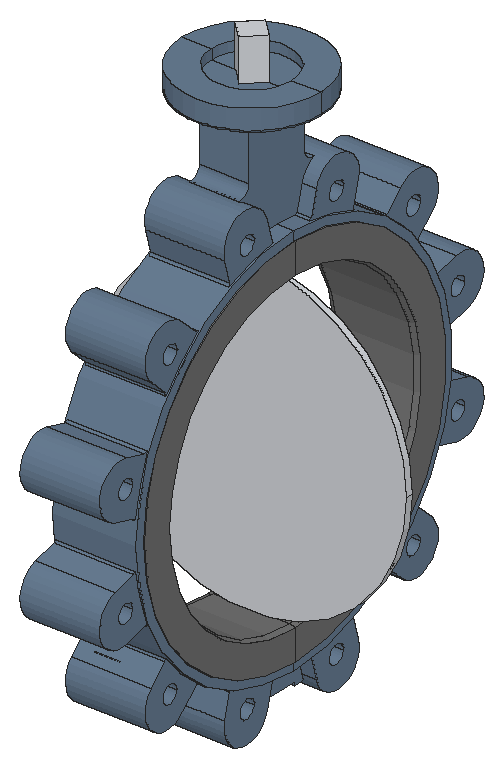
Revit family "Запорно-регулирующая заслонка AF-4219", category Rohrzubehör, Revit 2020 (continued)
Lines and regions (mm)
  model lines, detail levels coarse+medium
    curve 8: line (-39, 0, -183) -> (39, 0, -183)
    curve 9: line (39, 0, -183) -> (39, 0, 183)
    curve 10: line (39, 0, 183) -> (-39, 0, 183)
    curve 11: line (39, 0, -183) -> (-39, 0, 183)
    curve 12: circle (0, 0, 0) r 5 normal (0, -1, 0)
Dimensions and locks
  "H01": Revolve 2 sketch curve to plane 2
  "H02": Revolve 2 sketch curve to Revolve 2 sketch curve
  "R01": Revolve 2 sketch curve to Revolve 2 sketch curve
  "D01": plane 2 to Revolve 1 sketch curve
  "D02": plane 2 to Revolve 1 sketch curve
  "D03": plane 2 to Revolve 1 sketch curve
  "L01": Revolve 1 sketch curve to plane 3 "Mitte (Links/rechts)"
  "L02": plane 3 "Mitte (Links/rechts)" to Revolve 1 sketch curve  (x2)
  "D05": Revolve 6 sketch curve to plane 2
  "D04": Revolve 6 sketch curve to plane 2  (x2)
  "D02": Revolve 6 sketch curve to plane 2  (x2)
  "L03": plane 3 "Mitte (Links/rechts)" to Revolve 6 sketch curve
  "L02": Revolve 6 sketch curve to plane 3 "Mitte (Links/rechts)"
  "L03": Revolve 6 sketch curve to plane 3 "Mitte (Links/rechts)"
  "L01": plane 3 "Mitte (Links/rechts)" to Revolve 1 sketch curve
  "D02": Revolve 1 sketch curve to plane 2
  "L02": plane 3 "Mitte (Links/rechts)" to Revolve 6 sketch curve
  "D03": plane 2 to Revolve 6 sketch curve
  "L04": Revolve 6 sketch curve to plane 3 "Mitte (Links/rechts)" to Revolve 6 sketch curve
  "L01": curve 2 to plane 3 "Mitte (Links/rechts)" to curve 4
  equal spacing: curve 3, curve 6, curve 1
  equal spacing: curve 2, curve 6, curve 4
  "D01": curve 1 to plane 1 "Mitte (Vorne/hinten)" to curve 3
  "L01": curve 7 to curve 12 to curve 9
  "D01": curve 10 to curve 12 to curve 8
  "H03": Revolve 2 sketch curve to Revolve 2 sketch curve
  "R02": Revolve 2 sketch curve to Revolve 2 sketch curve
  equal spacing: Extrusion 24 sketch curve, curve 11, Extrusion 24 sketch curve  (x2)
  "L05": Extrusion 24 sketch curve to Extrusion 24 sketch curve  (x2)
  "H04": Extrusion 24 to plane 2
  "H05": Extrusion 24 to Revolve 2
  "R99": radius of Revolve 2 sketch curve
  "D06": radius of Extrusion 7 sketch curve
  radius of curve 6 = 5.000 mm
  radius of curve 12 = 5.000 mm
  aligned and locked: level to plane 2
Automatic sketch dimensions
  Extrusion 3 sketch curve to Extrusion 3 sketch curve = 0.000 mm  (x20)
  Extrusion 3 sketch curve to level = 0.000 mm
  Extrusion 3 sketch curve to plane 1 "Mitte (Vorne/hinten)" = 0.000 mm
  plane 1 "Mitte (Vorne/hinten)" to Extrusion 3 sketch curve = 18.495 mm  (x2)
  Extrusion 3 sketch curve to Extrusion 3 sketch curve = 1.414 mm  (x16)
  Extrusion 3 sketch curve to Extrusion 3 sketch curve = 12.265 mm  (x8)
  Extrusion 3 sketch curve to level = 19.909 mm  (x2)
  Extrusion 3 sketch curve to Extrusion 3 sketch curve = 24.042 mm  (x8)
  level to Extrusion 3 sketch curve = 19.909 mm  (x2)
  Extrusion 3 sketch curve to Extrusion 3 sketch curve = 12.021 mm  (x12)
  Extrusion 3 sketch curve to plane 1 "Mitte (Vorne/hinten)" = 18.495 mm  (x2)
  Extrusion 3 sketch curve to Extrusion 3 sketch curve = 0.934 mm  (x4)
  Extrusion 4 sketch curve to level = 0.000 mm
  Extrusion 4 sketch curve to plane 1 "Mitte (Vorne/hinten)" = 0.000 mm
  plane 1 "Mitte (Vorne/hinten)" to Extrusion 4 sketch curve = 18.495 mm
  Extrusion 4 sketch curve to Extrusion 4 sketch curve = 1.414 mm  (x4)
  plane 1 "Mitte (Vorne/hinten)" to Extrusion 4 sketch curve = 20.000 mm
  Extrusion 4 sketch curve to Extrusion 4 sketch curve = 12.265 mm  (x2)
  Extrusion 4 sketch curve to Extrusion 4 sketch curve = 15.000 mm  (x2)
  Extrusion 4 sketch curve to Extrusion 4 sketch curve = 12.021 mm  (x4)
  Extrusion 4 sketch curve to plane 1 "Mitte (Vorne/hinten)" = 18.495 mm
  Extrusion 4 sketch curve to plane 1 "Mitte (Vorne/hinten)" = 20.000 mm
  level to Extrusion 4 sketch curve = 43.950 mm
  Extrusion 4 sketch curve to Extrusion 4 sketch curve = 0.000 mm
  Extrusion 4 sketch curve to Extrusion 4 sketch curve = 0.244 mm  (x2)
  Extrusion 4 sketch curve to Extrusion 4 sketch curve = 18.630 mm  (x2)
  Extrusion 4 sketch curve to Extrusion 4 sketch curve = 0.934 mm
  Extrusion 5 sketch curve to level = 0.000 mm
  Extrusion 5 sketch curve to plane 1 "Mitte (Vorne/hinten)" = 0.000 mm
  plane 1 "Mitte (Vorne/hinten)" to Extrusion 5 sketch curve = 15.000 mm
  Extrusion 5 sketch curve to Extrusion 5 sketch curve = 1.963 mm  (x2)
  Extrusion 5 sketch curve to Extrusion 5 sketch curve = 1.531 mm  (x2)
  Extrusion 5 sketch curve to Extrusion 5 sketch curve = 1.414 mm  (x4)
  Extrusion 5 sketch curve to Extrusion 5 sketch curve = 15.210 mm  (x2)
  Extrusion 5 sketch curve to Extrusion 5 sketch curve = 1.660 mm  (x2)
  Extrusion 5 sketch curve to Extrusion 5 sketch curve = 12.021 mm  (x3)
  Extrusion 5 sketch curve to plane 1 "Mitte (Vorne/hinten)" = 15.000 mm
  Extrusion 5 sketch curve to Extrusion 5 sketch curve = 1.037 mm  (x2)
  Extrusion 5 sketch curve to Extrusion 5 sketch curve = 1.400 mm  (x2)
  Extrusion 5 sketch curve to Extrusion 5 sketch curve = 1.785 mm  (x2)
  Extrusion 5 sketch curve to Extrusion 5 sketch curve = 12.635 mm  (x2)
  Extrusion 5 sketch curve to Extrusion 5 sketch curve = 0.934 mm
  Extrusion 5 sketch curve to Extrusion 5 sketch curve = 0.788 mm  (x2)
  Extrusion 5 sketch curve to Extrusion 5 sketch curve = 0.000 mm  (x2)
  Extrusion 4 sketch curve to Extrusion 4 sketch curve = 37.155 mm
  Extrusion 5 sketch curve to level = 43.950 mm
  Extrusion 8 sketch curve to Extrusion 8 sketch curve = 0.000 mm  (x12)
  Extrusion 8 sketch curve to level = 39.244 mm  (x2)
  plane 1 "Mitte (Vorne/hinten)" to Extrusion 8 sketch curve = 63.286 mm
  level to Extrusion 8 sketch curve = 39.244 mm  (x2)
  Extrusion 8 sketch curve to Extrusion 8 sketch curve = 9.190 mm  (x2)
  level to Extrusion 8 sketch curve = 28.614 mm  (x2)
  Extrusion 8 sketch curve to Extrusion 8 sketch curve = 1.441 mm  (x8)
  Extrusion 8 sketch curve to level = 28.614 mm  (x2)
  Extrusion 8 sketch curve to Extrusion 8 sketch curve = 12.021 mm  (x6)
  level to Extrusion 8 sketch curve = 63.286 mm  (x2)
  Extrusion 8 sketch curve to level = 63.286 mm  (x2)
  level to Extrusion 8 sketch curve = 52.636 mm  (x2)
  Extrusion 8 sketch curve to Extrusion 8 sketch curve = 10.650 mm  (x4)
  Extrusion 8 sketch curve to level = 52.636 mm  (x2)
  Extrusion 8 sketch curve to Extrusion 8 sketch curve = 1.414 mm  (x8)
  level to Extrusion 8 sketch curve = 0.001 mm  (x2)
  Extrusion 8 sketch curve to Extrusion 8 sketch curve = 28.594 mm
  Extrusion 8 sketch curve to level = 0.001 mm  (x2)
  Extrusion 8 sketch curve to Extrusion 8 sketch curve = 0.001 mm  (x2)
  Extrusion 8 sketch curve to Extrusion 8 sketch curve = 54.361 mm  (x2)
  Extrusion 8 sketch curve to Extrusion 8 sketch curve = 1.390 mm  (x2)
  Extrusion 8 sketch curve to Extrusion 8 sketch curve = 10.630 mm  (x2)
  Extrusion 8 sketch curve to Extrusion 8 sketch curve = 1.832 mm  (x2)
  Extrusion 9 sketch curve to Extrusion 9 sketch curve = 0.000 mm  (x5)
  Extrusion 9 sketch curve to level = 0.000 mm
  Extrusion 9 sketch curve to level = 51.265 mm
  plane 1 "Mitte (Vorne/hinten)" to Extrusion 9 sketch curve = 51.265 mm
  level to Extrusion 9 sketch curve = 51.265 mm
  Extrusion 9 sketch curve to Extrusion 9 sketch curve = 9.247 mm  (x3)
  Extrusion 9 sketch curve to level = 63.286 mm  (x2)
  Extrusion 9 sketch curve to Extrusion 9 sketch curve = 2.774 mm  (x4)
  level to Extrusion 9 sketch curve = 63.286 mm  (x2)
  Extrusion 9 sketch curve to Extrusion 9 sketch curve = 2.244 mm  (x2)
  Extrusion 9 sketch curve to Extrusion 9 sketch curve = 0.183 mm  (x2)
  level to Extrusion 9 sketch curve = 52.636 mm  (x2)
  Extrusion 9 sketch curve to Extrusion 9 sketch curve = 10.650 mm  (x3)
  Extrusion 9 sketch curve to level = 52.636 mm  (x2)
  Extrusion 9 sketch curve to Extrusion 9 sketch curve = 1.414 mm  (x8)
  Extrusion 9 sketch curve to Extrusion 9 sketch curve = 14.817 mm  (x2)
  Extrusion 9 sketch curve to Extrusion 9 sketch curve = 7.210 mm
  Extrusion 9 sketch curve to Extrusion 9 sketch curve = 1.971 mm
  Extrusion 9 sketch curve to Extrusion 9 sketch curve = 28.595 mm
  Extrusion 9 sketch curve to Extrusion 9 sketch curve = 36.000 mm
  Extrusion 9 sketch curve to Extrusion 9 sketch curve = 1.997 mm
  Extrusion 9 sketch curve to Extrusion 9 sketch curve = 44.000 mm
  Extrusion 9 sketch curve to Extrusion 9 sketch curve = 5.181 mm
  Extrusion 9 sketch curve to Extrusion 9 sketch curve = 7.184 mm
  Extrusion 9 sketch curve to Extrusion 9 sketch curve = 12.021 mm  (x2)
  Extrusion 9 sketch curve to Extrusion 9 sketch curve = 14.891 mm
  Extrusion 9 sketch curve to Extrusion 9 sketch curve = 6.473 mm
  Extrusion 9 sketch curve to Extrusion 9 sketch curve = 12.756 mm  (x2)
  Extrusion 9 sketch curve to Extrusion 9 sketch curve = 55.987 mm
  Extrusion 10 sketch curve to Extrusion 10 sketch curve = 0.000 mm  (x48)
  level to Extrusion 10 sketch curve = 14.909 mm  (x2)
  plane 1 "Mitte (Vorne/hinten)" to Extrusion 10 sketch curve = 80.416 mm
  Extrusion 10 sketch curve to level = 14.909 mm  (x2)
  Extrusion 10 sketch curve to Extrusion 10 sketch curve = 6.506 mm  (x6)
  Extrusion 10 sketch curve to level = 46.321 mm  (x2)
  level to Extrusion 10 sketch curve = 46.321 mm  (x2)
  Extrusion 10 sketch curve to level = 7.243 mm
  Extrusion 10 sketch curve to Extrusion 10 sketch curve = 13.321 mm
  level to Extrusion 10 sketch curve = 7.243 mm
  Extrusion 10 sketch curve to level = 9.076 mm  (x2)
  Extrusion 10 sketch curve to Extrusion 10 sketch curve = 0.759 mm  (x8)
  level to Extrusion 10 sketch curve = 9.076 mm  (x2)
  level to Extrusion 10 sketch curve = 40.487 mm  (x2)
  Extrusion 10 sketch curve to Extrusion 10 sketch curve = 14.082 mm  (x4)
  Extrusion 10 sketch curve to level = 40.487 mm  (x2)
  Extrusion 10 sketch curve to Extrusion 10 sketch curve = 0.758 mm  (x8)
  level to Extrusion 10 sketch curve = 67.405 mm  (x2)
  Extrusion 10 sketch curve to Extrusion 10 sketch curve = 6.243 mm  (x2)
  Extrusion 10 sketch curve to level = 67.405 mm  (x2)
  Extrusion 10 sketch curve to Extrusion 10 sketch curve = 10.245 mm  (x4)
  level to Extrusion 10 sketch curve = 53.322 mm  (x2)
  Extrusion 10 sketch curve to Extrusion 10 sketch curve = 1.831 mm  (x8)
  Extrusion 10 sketch curve to level = 53.322 mm  (x2)
  Extrusion 10 sketch curve to Extrusion 10 sketch curve = 15.706 mm  (x6)
  level to Extrusion 10 sketch curve = 80.416 mm  (x2)
  Extrusion 10 sketch curve to level = 80.416 mm  (x2)
  Extrusion 10 sketch curve to level = 66.335 mm  (x2)
  Extrusion 10 sketch curve to Extrusion 10 sketch curve = 5.832 mm  (x4)
  level to Extrusion 10 sketch curve = 66.335 mm  (x2)
  Extrusion 10 sketch curve to Extrusion 10 sketch curve = 1.833 mm  (x6)
  level to Extrusion 10 sketch curve = 0.000 mm
  Extrusion 10 sketch curve to Extrusion 10 sketch curve = 14.486 mm  (x2)
  Extrusion 10 sketch curve to Extrusion 10 sketch curve = 9.873 mm  (x2)
  Extrusion 10 sketch curve to Extrusion 10 sketch curve = 5.833 mm  (x2)
  Extrusion 10 sketch curve to Extrusion 10 sketch curve = 13.013 mm
  Extrusion 10 sketch curve to Extrusion 10 sketch curve = 14.081 mm  (x2)
  Extrusion 10 sketch curve to Extrusion 10 sketch curve = 1.973 mm  (x4)
  Extrusion 10 sketch curve to Extrusion 10 sketch curve = 1.544 mm  (x4)
  Extrusion 10 sketch curve to Extrusion 10 sketch curve = 1.243 mm  (x3)
  Extrusion 10 sketch curve to Extrusion 10 sketch curve = 0.211 mm  (x2)
  Extrusion 10 sketch curve to Extrusion 10 sketch curve = 0.002 mm  (x5)
  Extrusion 10 sketch curve to Extrusion 10 sketch curve = 0.213 mm  (x2)
  Extrusion 10 sketch curve to Extrusion 10 sketch curve = 41.076 mm
  Extrusion 10 sketch curve to level = 0.000 mm
  level to Extrusion 11 sketch curve = 100.814 mm
  plane 1 "Mitte (Vorne/hinten)" to Extrusion 11 sketch curve = 32.000 mm
  Extrusion 11 sketch curve to Extrusion 11 sketch curve = 1.385 mm
  Extrusion 11 sketch curve to Extrusion 11 sketch curve = 10.000 mm  (x2)
  Extrusion 11 sketch curve to level = 80.416 mm
  Extrusion 11 sketch curve to Extrusion 11 sketch curve = 15.706 mm  (x3)
  level to Extrusion 11 sketch curve = 80.416 mm  (x2)
  Extrusion 11 sketch curve to Extrusion 11 sketch curve = 1.409 mm
  Extrusion 11 sketch curve to level = 66.335 mm  (x2)
  Extrusion 11 sketch curve to Extrusion 11 sketch curve = 5.832 mm  (x3)
  level to Extrusion 11 sketch curve = 66.335 mm  (x2)
  Extrusion 11 sketch curve to Extrusion 11 sketch curve = 1.833 mm  (x4)
  level to Extrusion 11 sketch curve = 0.554 mm
  Extrusion 11 sketch curve to Extrusion 11 sketch curve = 9.076 mm
  Extrusion 11 sketch curve to level = 0.554 mm
  Extrusion 11 sketch curve to Extrusion 11 sketch curve = 0.000 mm  (x3)
  Extrusion 11 sketch curve to Extrusion 11 sketch curve = 14.486 mm  (x2)
  Extrusion 11 sketch curve to Extrusion 11 sketch curve = 44.000 mm
  Extrusion 11 sketch curve to Extrusion 11 sketch curve = 0.759 mm  (x4)
  Extrusion 11 sketch curve to Extrusion 11 sketch curve = 6.506 mm
  Extrusion 11 sketch curve to Extrusion 11 sketch curve = 42.686 mm
  Extrusion 11 sketch curve to level = 80.371 mm
  Extrusion 11 sketch curve to Extrusion 11 sketch curve = 1.390 mm
  Extrusion 11 sketch curve to Extrusion 11 sketch curve = 27.000 mm
  Extrusion 12 sketch curve to Extrusion 12 sketch curve = 0.000 mm  (x40)
  Extrusion 12 sketch curve to level = 0.000 mm
  level to Extrusion 12 sketch curve = 18.736 mm  (x2)
  plane 1 "Mitte (Vorne/hinten)" to Extrusion 12 sketch curve = 89.655 mm
  Extrusion 12 sketch curve to level = 18.736 mm  (x2)
  Extrusion 12 sketch curve to Extrusion 12 sketch curve = 6.506 mm  (x6)
  Extrusion 12 sketch curve to level = 50.147 mm  (x2)
  level to Extrusion 12 sketch curve = 50.147 mm  (x2)
  Extrusion 12 sketch curve to Extrusion 12 sketch curve = 13.415 mm  (x2)
  Extrusion 12 sketch curve to level = 12.858 mm  (x2)
  Extrusion 12 sketch curve to Extrusion 12 sketch curve = 0.776 mm  (x8)
  level to Extrusion 12 sketch curve = 12.858 mm  (x2)
  Extrusion 12 sketch curve to level = 44.269 mm  (x2)
  Extrusion 12 sketch curve to Extrusion 12 sketch curve = 14.192 mm  (x4)
  level to Extrusion 12 sketch curve = 44.269 mm  (x2)
  Extrusion 12 sketch curve to Extrusion 12 sketch curve = 0.775 mm  (x8)
  level to Extrusion 12 sketch curve = 76.644 mm  (x2)
  Extrusion 12 sketch curve to Extrusion 12 sketch curve = 11.529 mm  (x2)
  Extrusion 12 sketch curve to level = 76.644 mm  (x2)
  Extrusion 12 sketch curve to Extrusion 12 sketch curve = 4.008 mm  (x2)
  level to Extrusion 12 sketch curve = 62.451 mm  (x2)
  Extrusion 12 sketch curve to Extrusion 12 sketch curve = 1.871 mm  (x8)
  Extrusion 12 sketch curve to level = 62.451 mm  (x2)
  Extrusion 12 sketch curve to Extrusion 12 sketch curve = 15.706 mm  (x6)
  level to Extrusion 12 sketch curve = 89.655 mm  (x2)
  Extrusion 12 sketch curve to level = 89.655 mm  (x2)
  Extrusion 12 sketch curve to level = 75.464 mm  (x2)
  Extrusion 12 sketch curve to Extrusion 12 sketch curve = 5.878 mm  (x4)
  level to Extrusion 12 sketch curve = 75.464 mm  (x2)
  Extrusion 12 sketch curve to Extrusion 12 sketch curve = 1.873 mm  (x8)
  Extrusion 12 sketch curve to Extrusion 12 sketch curve = 21.969 mm  (x2)
  Extrusion 12 sketch curve to Extrusion 12 sketch curve = 9.827 mm  (x2)
  Extrusion 12 sketch curve to Extrusion 12 sketch curve = 5.879 mm  (x2)
  Extrusion 12 sketch curve to Extrusion 12 sketch curve = 15.537 mm  (x2)
  Extrusion 12 sketch curve to Extrusion 12 sketch curve = 13.013 mm
  Extrusion 12 sketch curve to Extrusion 12 sketch curve = 14.190 mm  (x2)
  Extrusion 12 sketch curve to Extrusion 12 sketch curve = 44.269 mm
  Extrusion 13 sketch curve to Extrusion 13 sketch curve = 0.000 mm  (x5)
  Extrusion 13 sketch curve to level = 0.000 mm
  level to Extrusion 13 sketch curve = 114.470 mm
  plane 1 "Mitte (Vorne/hinten)" to Extrusion 13 sketch curve = 41.000 mm
  Extrusion 13 sketch curve to level = 83.149 mm
  Extrusion 13 sketch curve to Extrusion 13 sketch curve = 6.558 mm  (x2)
  Extrusion 13 sketch curve to Extrusion 13 sketch curve = 15.000 mm  (x2)
  level to Extrusion 13 sketch curve = 89.655 mm  (x2)
  Extrusion 13 sketch curve to Extrusion 13 sketch curve = 15.706 mm  (x2)
  Extrusion 13 sketch curve to Extrusion 13 sketch curve = 5.236 mm  (x2)
  level to Extrusion 13 sketch curve = 75.464 mm  (x2)
  Extrusion 13 sketch curve to Extrusion 13 sketch curve = 5.878 mm  (x3)
  Extrusion 13 sketch curve to level = 75.464 mm  (x2)
  Extrusion 13 sketch curve to Extrusion 13 sketch curve = 1.873 mm  (x4)
  Extrusion 13 sketch curve to Extrusion 13 sketch curve = 12.858 mm
  Extrusion 13 sketch curve to Extrusion 13 sketch curve = 21.969 mm
  Extrusion 13 sketch curve to Extrusion 13 sketch curve = 3.345 mm
  Extrusion 13 sketch curve to Extrusion 13 sketch curve = 3.000 mm  (x2)
  Extrusion 13 sketch curve to Extrusion 13 sketch curve = 6.506 mm  (x3)
  Extrusion 13 sketch curve to Extrusion 13 sketch curve = 0.776 mm  (x4)
  Extrusion 13 sketch curve to Extrusion 13 sketch curve = 31.321 mm
  Extrusion 13 sketch curve to Extrusion 13 sketch curve = 52.530 mm
  Extrusion 13 sketch curve to Extrusion 13 sketch curve = 11.129 mm  (x2)
  Extrusion 13 sketch curve to Extrusion 13 sketch curve = 9.812 mm  (x2)
  Extrusion 13 sketch curve to Extrusion 13 sketch curve = 3.078 mm
  Extrusion 13 sketch curve to Extrusion 13 sketch curve = 21.680 mm
  Extrusion 13 sketch curve to Extrusion 13 sketch curve = 2.515 mm
  Extrusion 13 sketch curve to Extrusion 13 sketch curve = 52.000 mm
  Extrusion 14 sketch curve to Extrusion 14 sketch curve = 0.000 mm  (x22)
  Extrusion 14 sketch curve to level = 24.476 mm  (x2)
  plane 1 "Mitte (Vorne/hinten)" to Extrusion 14 sketch curve = 103.513 mm
  level to Extrusion 14 sketch curve = 24.476 mm  (x2)
  Extrusion 14 sketch curve to Extrusion 14 sketch curve = 6.506 mm  (x6)
  Extrusion 14 sketch curve to Extrusion 14 sketch curve = 11.623 mm  (x2)
  Extrusion 14 sketch curve to level = 19.351 mm  (x2)
  Extrusion 14 sketch curve to Extrusion 14 sketch curve = 0.749 mm  (x8)
  level to Extrusion 14 sketch curve = 19.351 mm  (x2)
  Extrusion 14 sketch curve to level = 55.888 mm  (x2)
  level to Extrusion 14 sketch curve = 55.888 mm  (x2)
  Extrusion 14 sketch curve to level = 50.783 mm  (x2)
  Extrusion 14 sketch curve to Extrusion 14 sketch curve = 12.323 mm  (x4)
  level to Extrusion 14 sketch curve = 50.783 mm  (x2)
  Extrusion 14 sketch curve to Extrusion 14 sketch curve = 0.774 mm  (x8)
  level to Extrusion 14 sketch curve = 90.502 mm  (x2)
  Extrusion 14 sketch curve to Extrusion 14 sketch curve = 21.517 mm  (x2)
  Extrusion 14 sketch curve to level = 90.502 mm  (x2)
  Extrusion 14 sketch curve to Extrusion 14 sketch curve = 3.235 mm  (x2)
  Extrusion 14 sketch curve to level = 78.179 mm  (x2)
  Extrusion 14 sketch curve to Extrusion 14 sketch curve = 1.869 mm  (x8)
  level to Extrusion 14 sketch curve = 78.179 mm  (x2)
  Extrusion 14 sketch curve to Extrusion 14 sketch curve = 15.706 mm  (x6)
  level to Extrusion 14 sketch curve = 103.513 mm  (x2)
  Extrusion 14 sketch curve to level = 103.513 mm  (x2)
  level to Extrusion 14 sketch curve = 91.141 mm  (x2)
  Extrusion 14 sketch curve to Extrusion 14 sketch curve = 5.125 mm  (x4)
  Extrusion 14 sketch curve to level = 91.141 mm  (x2)
  Extrusion 14 sketch curve to Extrusion 14 sketch curve = 1.809 mm  (x8)
  Extrusion 14 sketch curve to level = 0.103 mm  (x2)
  Extrusion 14 sketch curve to Extrusion 14 sketch curve = 90.896 mm
  level to Extrusion 14 sketch curve = 0.103 mm  (x2)
  Extrusion 14 sketch curve to Extrusion 14 sketch curve = 0.142 mm  (x7)
  Extrusion 14 sketch curve to Extrusion 14 sketch curve = 0.207 mm  (x2)
  Extrusion 14 sketch curve to Extrusion 14 sketch curve = 35.084 mm  (x2)
  Extrusion 14 sketch curve to Extrusion 14 sketch curve = 10.601 mm  (x2)
  Extrusion 14 sketch curve to Extrusion 14 sketch curve = 5.104 mm  (x2)
  Extrusion 14 sketch curve to Extrusion 14 sketch curve = 24.752 mm  (x2)
  Extrusion 14 sketch curve to Extrusion 14 sketch curve = 12.962 mm  (x2)
  Extrusion 14 sketch curve to Extrusion 14 sketch curve = 12.372 mm  (x2)
  Extrusion 14 sketch curve to level = 0.245 mm
  Extrusion 14 sketch curve to Extrusion 14 sketch curve = 1.933 mm  (x2)
  Extrusion 14 sketch curve to Extrusion 14 sketch curve = 0.314 mm  (x2)
  level to Extrusion 15 sketch curve = 97.007 mm
  plane 1 "Mitte (Vorne/hinten)" to Extrusion 15 sketch curve = 40.182 mm
  Extrusion 15 sketch curve to level = 97.007 mm
  Extrusion 15 sketch curve to Extrusion 15 sketch curve = 0.000 mm  (x7)
  Extrusion 15 sketch curve to Extrusion 15 sketch curve = 4.132 mm
  Extrusion 15 sketch curve to Extrusion 15 sketch curve = 10.048 mm  (x2)
  Extrusion 15 sketch curve to Extrusion 15 sketch curve = 15.706 mm  (x3)
  level to Extrusion 15 sketch curve = 103.513 mm  (x2)
  level to Extrusion 15 sketch curve = 91.141 mm  (x2)
  Extrusion 15 sketch curve to Extrusion 15 sketch curve = 5.125 mm  (x3)
  Extrusion 15 sketch curve to level = 91.141 mm  (x2)
  Extrusion 15 sketch curve to Extrusion 15 sketch curve = 1.809 mm  (x4)
  Extrusion 15 sketch curve to Extrusion 15 sketch curve = 10.974 mm  (x2)
  Extrusion 15 sketch curve to level = 0.111 mm
  Extrusion 15 sketch curve to Extrusion 15 sketch curve = 19.350 mm
  level to Extrusion 15 sketch curve = 0.111 mm
  Extrusion 15 sketch curve to Extrusion 15 sketch curve = 35.081 mm
  Extrusion 15 sketch curve to Extrusion 15 sketch curve = 4.041 mm
  Extrusion 15 sketch curve to level = 103.513 mm
  Extrusion 15 sketch curve to Extrusion 15 sketch curve = 9.998 mm  (x2)
  Extrusion 15 sketch curve to Extrusion 15 sketch curve = 3.000 mm
  Extrusion 15 sketch curve to Extrusion 15 sketch curve = 6.505 mm  (x2)
  Extrusion 15 sketch curve to Extrusion 15 sketch curve = 0.749 mm  (x4)
  Extrusion 15 sketch curve to Extrusion 15 sketch curve = 20.176 mm  (x2)
  Extrusion 15 sketch curve to Extrusion 15 sketch curve = 62.311 mm
  Extrusion 15 sketch curve to Extrusion 15 sketch curve = 0.048 mm
  Extrusion 15 sketch curve to Extrusion 15 sketch curve = 11.626 mm  (x2)
  Extrusion 15 sketch curve to Extrusion 15 sketch curve = 27.000 mm
  Extrusion 15 sketch curve to Extrusion 15 sketch curve = 52.000 mm
  Extrusion 16 sketch curve to Extrusion 16 sketch curve = 0.000 mm  (x23)
  Extrusion 16 sketch curve to level = 26.521 mm  (x2)
  plane 1 "Mitte (Vorne/hinten)" to Extrusion 16 sketch curve = 118.902 mm
  level to Extrusion 16 sketch curve = 26.521 mm  (x2)
  Extrusion 16 sketch curve to Extrusion 16 sketch curve = 8.036 mm  (x6)
  Extrusion 16 sketch curve to Extrusion 16 sketch curve = 15.875 mm  (x2)
  level to Extrusion 16 sketch curve = 65.323 mm  (x2)
  Extrusion 16 sketch curve to level = 65.323 mm  (x2)
  level to Extrusion 16 sketch curve = 19.621 mm  (x2)
  Extrusion 16 sketch curve to Extrusion 16 sketch curve = 0.782 mm  (x8)
  Extrusion 16 sketch curve to level = 19.621 mm  (x2)
  Extrusion 16 sketch curve to level = 58.409 mm  (x2)
  Extrusion 16 sketch curve to Extrusion 16 sketch curve = 16.693 mm  (x4)
  level to Extrusion 16 sketch curve = 58.409 mm  (x2)
  Extrusion 16 sketch curve to Extrusion 16 sketch curve = 0.763 mm  (x8)
  Extrusion 16 sketch curve to level = 102.829 mm  (x2)
  Extrusion 16 sketch curve to Extrusion 16 sketch curve = 20.050 mm  (x2)
  level to Extrusion 16 sketch curve = 102.829 mm  (x2)
  Extrusion 16 sketch curve to Extrusion 16 sketch curve = 5.074 mm  (x2)
  level to Extrusion 16 sketch curve = 86.136 mm  (x2)
  Extrusion 16 sketch curve to Extrusion 16 sketch curve = 1.841 mm  (x8)
  Extrusion 16 sketch curve to level = 86.136 mm  (x2)
  Extrusion 16 sketch curve to Extrusion 16 sketch curve = 19.401 mm  (x6)
  level to Extrusion 16 sketch curve = 118.902 mm  (x2)
  Extrusion 16 sketch curve to level = 118.902 mm  (x2)
  level to Extrusion 16 sketch curve = 102.246 mm  (x2)
  Extrusion 16 sketch curve to Extrusion 16 sketch curve = 6.899 mm  (x4)
  Extrusion 16 sketch curve to level = 102.246 mm  (x2)
  Extrusion 16 sketch curve to Extrusion 16 sketch curve = 1.887 mm  (x8)
  level to Extrusion 16 sketch curve = 0.002 mm  (x2)
  Extrusion 16 sketch curve to Extrusion 16 sketch curve = 86.133 mm
  Extrusion 16 sketch curve to level = 0.002 mm
  Extrusion 16 sketch curve to Extrusion 16 sketch curve = 0.001 mm  (x8)
  Extrusion 16 sketch curve to Extrusion 16 sketch curve = 35.469 mm  (x2)
  Extrusion 16 sketch curve to Extrusion 16 sketch curve = 12.487 mm  (x2)
  Extrusion 16 sketch curve to Extrusion 16 sketch curve = 6.914 mm  (x2)
  Extrusion 16 sketch curve to Extrusion 16 sketch curve = 25.124 mm  (x2)
  Extrusion 16 sketch curve to Extrusion 16 sketch curve = 16.110 mm
  Extrusion 16 sketch curve to Extrusion 16 sketch curve = 16.656 mm  (x2)
  Extrusion 16 sketch curve to level = 0.003 mm
  Extrusion 16 sketch curve to Extrusion 16 sketch curve = 2.019 mm  (x2)
  Extrusion 16 sketch curve to Extrusion 16 sketch curve = 0.309 mm  (x2)
  Extrusion 16 sketch curve to Extrusion 16 sketch curve = 0.004 mm  (x2)
  Extrusion 17 sketch curve to Extrusion 17 sketch curve = 0.000 mm  (x7)
  Extrusion 17 sketch curve to level = 0.000 mm
  Extrusion 17 sketch curve to plane 1 "Mitte (Vorne/hinten)" = 0.000 mm
  plane 1 "Mitte (Vorne/hinten)" to Extrusion 17 sketch curve = 13.500 mm
  plane 1 "Mitte (Vorne/hinten)" to Extrusion 17 sketch curve = 17.734 mm  (x2)
  Extrusion 17 sketch curve to Extrusion 17 sketch curve = 1.887 mm  (x4)
  plane 1 "Mitte (Vorne/hinten)" to Extrusion 17 sketch curve = 26.000 mm
  Extrusion 17 sketch curve to Extrusion 17 sketch curve = 0.521 mm
  Extrusion 17 sketch curve to Extrusion 17 sketch curve = 13.021 mm  (x2)
  Extrusion 17 sketch curve to Extrusion 17 sketch curve = 4.341 mm  (x2)
  Extrusion 17 sketch curve to Extrusion 17 sketch curve = 10.000 mm  (x2)
  Extrusion 17 sketch curve to Extrusion 17 sketch curve = 19.401 mm  (x4)
  Extrusion 17 sketch curve to plane 1 "Mitte (Vorne/hinten)" = 13.500 mm
  Extrusion 17 sketch curve to plane 1 "Mitte (Vorne/hinten)" = 17.734 mm  (x2)
  Extrusion 17 sketch curve to Extrusion 17 sketch curve = 6.899 mm
  Extrusion 17 sketch curve to level = 102.246 mm
  Extrusion 17 sketch curve to Extrusion 17 sketch curve = 0.782 mm  (x4)
  Extrusion 17 sketch curve to Extrusion 17 sketch curve = 8.620 mm  (x4)
  Extrusion 17 sketch curve to Extrusion 17 sketch curve = 16.656 mm  (x4)
  Extrusion 17 sketch curve to Extrusion 17 sketch curve = 3.000 mm
  level to Extrusion 17 sketch curve = 102.246 mm
  Extrusion 17 sketch curve to Extrusion 17 sketch curve = 16.098 mm  (x2)
  Extrusion 17 sketch curve to Extrusion 17 sketch curve = 64.000 mm
  Extrusion 17 sketch curve to Extrusion 17 sketch curve = 4.938 mm
  Extrusion 18 sketch curve to Extrusion 18 sketch curve = 0.000 mm  (x62)
  Extrusion 18 sketch curve to level = 0.000 mm
  Extrusion 18 sketch curve to level = 17.891 mm  (x2)
  plane 1 "Mitte (Vorne/hinten)" to Extrusion 18 sketch curve = 147.909 mm
  level to Extrusion 18 sketch curve = 17.891 mm  (x2)
  Extrusion 18 sketch curve to Extrusion 18 sketch curve = 5.435 mm  (x6)
  Extrusion 18 sketch curve to level = 58.460 mm  (x2)
  level to Extrusion 18 sketch curve = 58.460 mm  (x2)
  Extrusion 18 sketch curve to Extrusion 18 sketch curve = 15.462 mm  (x2)
  level to Extrusion 18 sketch curve = 13.612 mm  (x2)
  Extrusion 18 sketch curve to Extrusion 18 sketch curve = 0.509 mm  (x8)
  Extrusion 18 sketch curve to level = 13.612 mm  (x2)
  Extrusion 18 sketch curve to level = 54.199 mm  (x2)
  Extrusion 18 sketch curve to Extrusion 18 sketch curve = 15.903 mm  (x4)
  level to Extrusion 18 sketch curve = 54.199 mm  (x2)
  Extrusion 18 sketch curve to Extrusion 18 sketch curve = 0.530 mm  (x8)
  Extrusion 18 sketch curve to level = 89.449 mm  (x2)
  Extrusion 18 sketch curve to Extrusion 18 sketch curve = 1.459 mm  (x2)
  level to Extrusion 18 sketch curve = 89.449 mm  (x2)
  Extrusion 18 sketch curve to Extrusion 18 sketch curve = 10.302 mm  (x2)
  Extrusion 18 sketch curve to level = 77.758 mm  (x2)
  Extrusion 18 sketch curve to Extrusion 18 sketch curve = 1.389 mm  (x8)
  level to Extrusion 18 sketch curve = 77.758 mm  (x2)
  Extrusion 18 sketch curve to Extrusion 18 sketch curve = 14.849 mm  (x6)
  Extrusion 18 sketch curve to level = 119.147 mm  (x2)
  level to Extrusion 18 sketch curve = 119.147 mm  (x2)
  level to Extrusion 18 sketch curve = 107.506 mm  (x2)
  Extrusion 18 sketch curve to Extrusion 18 sketch curve = 11.642 mm  (x4)
  Extrusion 18 sketch curve to level = 107.506 mm  (x2)
  Extrusion 18 sketch curve to Extrusion 18 sketch curve = 1.448 mm  (x8)
  level to Extrusion 18 sketch curve = 137.039 mm  (x2)
  Extrusion 18 sketch curve to Extrusion 18 sketch curve = 17.899 mm  (x2)
  Extrusion 18 sketch curve to level = 137.039 mm  (x2)
  Extrusion 18 sketch curve to Extrusion 18 sketch curve = 2.283 mm  (x2)
  Extrusion 18 sketch curve to level = 121.136 mm  (x2)
  Extrusion 18 sketch curve to Extrusion 18 sketch curve = 1.978 mm  (x8)
  level to Extrusion 18 sketch curve = 121.136 mm  (x2)
  Extrusion 18 sketch curve to Extrusion 18 sketch curve = 20.284 mm  (x6)
  Extrusion 18 sketch curve to level = 147.909 mm  (x2)
  level to Extrusion 18 sketch curve = 147.909 mm  (x2)
  level to Extrusion 18 sketch curve = 131.939 mm  (x2)
  Extrusion 18 sketch curve to Extrusion 18 sketch curve = 4.279 mm  (x4)
  Extrusion 18 sketch curve to level = 131.939 mm  (x2)
  Extrusion 18 sketch curve to Extrusion 18 sketch curve = 1.898 mm  (x8)
  Extrusion 18 sketch curve to Extrusion 18 sketch curve = 13.612 mm
  Extrusion 18 sketch curve to Extrusion 18 sketch curve = 23.429 mm  (x2)
  Extrusion 18 sketch curve to Extrusion 18 sketch curve = 16.023 mm  (x2)
  Extrusion 18 sketch curve to Extrusion 18 sketch curve = 4.261 mm  (x2)
  Extrusion 18 sketch curve to Extrusion 18 sketch curve = 20.183 mm  (x2)
  Extrusion 18 sketch curve to Extrusion 18 sketch curve = 3.158 mm  (x2)
  Extrusion 18 sketch curve to Extrusion 18 sketch curve = 11.691 mm  (x2)
  Extrusion 18 sketch curve to Extrusion 18 sketch curve = 11.760 mm  (x2)
  Extrusion 18 sketch curve to Extrusion 18 sketch curve = 10.803 mm
  Extrusion 18 sketch curve to Extrusion 18 sketch curve = 15.970 mm  (x2)
  Extrusion 19 sketch curve to Extrusion 19 sketch curve = 0.000 mm  (x5)
  Extrusion 19 sketch curve to level = 0.000 mm
  Extrusion 19 sketch curve to level = 142.474 mm
  plane 1 "Mitte (Vorne/hinten)" to Extrusion 19 sketch curve = 38.176 mm
  level to Extrusion 19 sketch curve = 142.474 mm
  Extrusion 19 sketch curve to Extrusion 19 sketch curve = 8.163 mm
  Extrusion 19 sketch curve to Extrusion 19 sketch curve = 2.013 mm  (x2)
  Extrusion 19 sketch curve to level = 147.909 mm
  Extrusion 19 sketch curve to Extrusion 19 sketch curve = 20.284 mm  (x3)
  level to Extrusion 19 sketch curve = 147.909 mm  (x2)
  Extrusion 19 sketch curve to Extrusion 19 sketch curve = 10.109 mm
  Extrusion 19 sketch curve to level = 131.939 mm  (x2)
  Extrusion 19 sketch curve to Extrusion 19 sketch curve = 4.279 mm  (x4)
  level to Extrusion 19 sketch curve = 131.939 mm  (x2)
  Extrusion 19 sketch curve to Extrusion 19 sketch curve = 1.898 mm  (x4)
  Extrusion 19 sketch curve to Extrusion 19 sketch curve = 13.612 mm
  Extrusion 19 sketch curve to Extrusion 19 sketch curve = 23.429 mm  (x2)
  Extrusion 19 sketch curve to Extrusion 19 sketch curve = 56.000 mm
  Extrusion 19 sketch curve to Extrusion 19 sketch curve = 5.435 mm  (x2)
  Extrusion 19 sketch curve to Extrusion 19 sketch curve = 0.509 mm  (x4)
  Extrusion 19 sketch curve to Extrusion 19 sketch curve = 16.081 mm  (x2)
  Extrusion 19 sketch curve to Extrusion 19 sketch curve = 66.010 mm
  Extrusion 19 sketch curve to Extrusion 19 sketch curve = 1.832 mm  (x2)
  Extrusion 19 sketch curve to Extrusion 19 sketch curve = 0.173 mm
  Extrusion 20 sketch curve to level = 22.097 mm  (x2)
  plane 1 "Mitte (Vorne/hinten)" to Extrusion 20 sketch curve = 177.618 mm
  level to Extrusion 20 sketch curve = 22.097 mm  (x2)
  Extrusion 20 sketch curve to Extrusion 20 sketch curve = 0.000 mm  (x17)
  Extrusion 20 sketch curve to Extrusion 20 sketch curve = 6.470 mm  (x4)
  Extrusion 20 sketch curve to Extrusion 20 sketch curve = 2.415 mm  (x8)
  level to Extrusion 20 sketch curve = 70.393 mm  (x2)
  Extrusion 20 sketch curve to level = 70.393 mm  (x2)
  Extrusion 20 sketch curve to Extrusion 20 sketch curve = 18.556 mm  (x2)
  Extrusion 20 sketch curve to level = 16.983 mm  (x2)
  Extrusion 20 sketch curve to Extrusion 20 sketch curve = 0.529 mm  (x16)
  level to Extrusion 20 sketch curve = 16.983 mm  (x2)
  level to Extrusion 20 sketch curve = 65.280 mm  (x2)
  Extrusion 20 sketch curve to Extrusion 20 sketch curve = 19.085 mm  (x6)
  Extrusion 20 sketch curve to level = 65.280 mm  (x2)
  Extrusion 20 sketch curve to level = 107.956 mm  (x2)
  Extrusion 20 sketch curve to Extrusion 20 sketch curve = 2.085 mm  (x2)
  level to Extrusion 20 sketch curve = 107.956 mm  (x2)
  Extrusion 20 sketch curve to Extrusion 20 sketch curve = 12.527 mm  (x2)
  level to Extrusion 20 sketch curve = 93.984 mm  (x2)
  Extrusion 20 sketch curve to Extrusion 20 sketch curve = 1.445 mm  (x16)
  Extrusion 20 sketch curve to level = 93.984 mm  (x2)
  Extrusion 20 sketch curve to Extrusion 20 sketch curve = 17.678 mm  (x4)
  Extrusion 20 sketch curve to Extrusion 20 sketch curve = 1.768 mm  (x8)
  level to Extrusion 20 sketch curve = 143.311 mm  (x2)
  Extrusion 20 sketch curve to level = 143.311 mm  (x2)
  Extrusion 20 sketch curve to level = 129.340 mm  (x2)
  Extrusion 20 sketch curve to Extrusion 20 sketch curve = 13.971 mm  (x6)
  level to Extrusion 20 sketch curve = 129.340 mm  (x2)
  level to Extrusion 20 sketch curve = 164.981 mm  (x2)
  Extrusion 20 sketch curve to Extrusion 20 sketch curve = 22.118 mm  (x2)
  Extrusion 20 sketch curve to level = 164.981 mm  (x2)
  Extrusion 20 sketch curve to Extrusion 20 sketch curve = 3.140 mm  (x2)
  level to Extrusion 20 sketch curve = 145.897 mm  (x2)
  Extrusion 20 sketch curve to Extrusion 20 sketch curve = 1.974 mm  (x8)
  Extrusion 20 sketch curve to level = 145.897 mm  (x2)
  Extrusion 20 sketch curve to Extrusion 20 sketch curve = 24.148 mm  (x4)
  Extrusion 20 sketch curve to Extrusion 20 sketch curve = 0.647 mm  (x8)
  level to Extrusion 20 sketch curve = 177.922 mm  (x2)
  Extrusion 20 sketch curve to level = 177.922 mm  (x2)
  level to Extrusion 20 sketch curve = 158.837 mm  (x2)
  Extrusion 20 sketch curve to Extrusion 20 sketch curve = 5.114 mm  (x6)
  Extrusion 20 sketch curve to level = 158.837 mm  (x2)
  Extrusion 20 sketch curve to Extrusion 20 sketch curve = 1.973 mm  (x8)
  Extrusion 20 sketch curve to level = 0.226 mm  (x2)
  Extrusion 20 sketch curve to Extrusion 20 sketch curve = 158.098 mm
  level to Extrusion 20 sketch curve = 0.226 mm
  level to Extrusion 20 sketch curve = 0.072 mm
  Extrusion 20 sketch curve to Extrusion 20 sketch curve = 0.128 mm  (x3)
  Extrusion 20 sketch curve to level = 0.072 mm
  Extrusion 20 sketch curve to Extrusion 20 sketch curve = 0.061 mm  (x4)
  Extrusion 20 sketch curve to level = 0.036 mm  (x2)
  Extrusion 20 sketch curve to Extrusion 20 sketch curve = 0.324 mm
  Extrusion 20 sketch curve to Extrusion 20 sketch curve = 29.244 mm  (x2)
  Extrusion 20 sketch curve to Extrusion 20 sketch curve = 23.501 mm  (x2)
  Extrusion 20 sketch curve to Extrusion 20 sketch curve = 19.681 mm  (x2)
  Extrusion 20 sketch curve to Extrusion 20 sketch curve = 25.258 mm  (x2)
  Extrusion 20 sketch curve to Extrusion 20 sketch curve = 15.910 mm  (x2)
  Extrusion 20 sketch curve to Extrusion 20 sketch curve = 5.474 mm  (x2)
  Extrusion 20 sketch curve to Extrusion 20 sketch curve = 14.612 mm  (x2)
  Extrusion 20 sketch curve to Extrusion 20 sketch curve = 12.940 mm
  Extrusion 20 sketch curve to Extrusion 20 sketch curve = 4.056 mm  (x2)
  Extrusion 20 sketch curve to Extrusion 20 sketch curve = 0.035 mm  (x2)
  level to Extrusion 20 sketch curve = 0.036 mm  (x2)
  Extrusion 20 sketch curve to Extrusion 20 sketch curve = 0.154 mm
  Extrusion 20 sketch curve to Extrusion 20 sketch curve = 2.037 mm  (x4)
  Extrusion 20 sketch curve to Extrusion 20 sketch curve = 1.856 mm  (x4)
  Extrusion 20 sketch curve to Extrusion 20 sketch curve = 1.841 mm  (x4)
  Extrusion 20 sketch curve to Extrusion 20 sketch curve = 1.179 mm  (x4)
  Extrusion 20 sketch curve to Extrusion 20 sketch curve = 0.856 mm  (x4)
  Extrusion 20 sketch curve to Extrusion 20 sketch curve = 0.153 mm  (x4)
  level to Extrusion 21 sketch curve = 171.452 mm
  plane 1 "Mitte (Vorne/hinten)" to Extrusion 21 sketch curve = 45.940 mm
  Extrusion 21 sketch curve to level = 171.452 mm
  Extrusion 21 sketch curve to Extrusion 21 sketch curve = 0.000 mm  (x2)
  Extrusion 21 sketch curve to Extrusion 21 sketch curve = 6.907 mm
  Extrusion 21 sketch curve to Extrusion 21 sketch curve = 11.901 mm
  Extrusion 21 sketch curve to Extrusion 21 sketch curve = 1.957 mm  (x2)
  Extrusion 21 sketch curve to level = 177.922 mm  (x2)
  Extrusion 21 sketch curve to Extrusion 21 sketch curve = 17.241 mm
  level to Extrusion 21 sketch curve = 177.922 mm  (x2)
  Extrusion 21 sketch curve to Extrusion 21 sketch curve = 10.291 mm  (x2)
  Extrusion 21 sketch curve to Extrusion 21 sketch curve = 0.709 mm  (x2)
  level to Extrusion 21 sketch curve = 158.808 mm  (x2)
  Extrusion 21 sketch curve to Extrusion 21 sketch curve = 5.122 mm  (x3)
  Extrusion 21 sketch curve to level = 158.808 mm  (x2)
  Extrusion 21 sketch curve to Extrusion 21 sketch curve = 1.932 mm  (x4)
  level to Extrusion 21 sketch curve = 0.021 mm
  Extrusion 21 sketch curve to Extrusion 21 sketch curve = 16.588 mm
  Extrusion 21 sketch curve to Extrusion 21 sketch curve = 29.311 mm  (x2)
  Extrusion 21 sketch curve to Extrusion 21 sketch curve = 24.148 mm
  Extrusion 21 sketch curve to Extrusion 21 sketch curve = 17.557 mm
  Extrusion 21 sketch curve to Extrusion 21 sketch curve = 3.000 mm
  Extrusion 21 sketch curve to Extrusion 21 sketch curve = 6.470 mm  (x2)
  Extrusion 21 sketch curve to Extrusion 21 sketch curve = 0.518 mm  (x4)
  Extrusion 21 sketch curve to level = 0.021 mm
  Extrusion 21 sketch curve to Extrusion 21 sketch curve = 17.717 mm  (x2)
  Extrusion 21 sketch curve to Extrusion 21 sketch curve = 67.361 mm
  Extrusion 21 sketch curve to Extrusion 21 sketch curve = 0.120 mm  (x2)
  Extrusion 21 sketch curve to Extrusion 21 sketch curve = 17.951 mm
  Extrusion 21 sketch curve to Extrusion 21 sketch curve = 6.344 mm
  level to Extrusion 22 sketch curve = 28.910 mm  (x2)
  plane 1 "Mitte (Vorne/hinten)" to Extrusion 22 sketch curve = 204.485 mm
  Extrusion 22 sketch curve to level = 28.910 mm  (x2)
  Extrusion 22 sketch curve to Extrusion 22 sketch curve = 0.000 mm  (x9)
  Extrusion 22 sketch curve to Extrusion 22 sketch curve = 6.470 mm  (x4)
  Extrusion 22 sketch curve to Extrusion 22 sketch curve = 4.830 mm  (x8)
  Extrusion 22 sketch curve to level = 77.206 mm  (x2)
  level to Extrusion 22 sketch curve = 77.206 mm  (x2)
  Extrusion 22 sketch curve to Extrusion 22 sketch curve = 20.758 mm  (x2)
  level to Extrusion 22 sketch curve = 23.212 mm  (x2)
  Extrusion 22 sketch curve to Extrusion 22 sketch curve = 0.507 mm  (x8)
  Extrusion 22 sketch curve to level = 23.212 mm  (x2)
  Extrusion 22 sketch curve to level = 71.520 mm  (x2)
  Extrusion 22 sketch curve to Extrusion 22 sketch curve = 21.221 mm  (x4)
  level to Extrusion 22 sketch curve = 71.520 mm  (x2)
  Extrusion 22 sketch curve to Extrusion 22 sketch curve = 0.521 mm  (x8)
  level to Extrusion 22 sketch curve = 127.279 mm  (x2)
  Extrusion 22 sketch curve to Extrusion 22 sketch curve = 7.168 mm  (x2)
  Extrusion 22 sketch curve to level = 127.279 mm  (x2)
  Extrusion 22 sketch curve to Extrusion 22 sketch curve = 14.182 mm  (x2)
  Extrusion 22 sketch curve to level = 111.712 mm  (x2)
  Extrusion 22 sketch curve to Extrusion 22 sketch curve = 1.386 mm  (x8)
  level to Extrusion 22 sketch curve = 111.712 mm  (x2)
  Extrusion 22 sketch curve to Extrusion 22 sketch curve = 17.678 mm  (x4)
  Extrusion 22 sketch curve to Extrusion 22 sketch curve = 3.536 mm  (x8)
  level to Extrusion 22 sketch curve = 162.635 mm  (x2)
  Extrusion 22 sketch curve to level = 162.635 mm  (x2)
  Extrusion 22 sketch curve to level = 147.100 mm  (x2)
  Extrusion 22 sketch curve to Extrusion 22 sketch curve = 15.535 mm  (x4)
  level to Extrusion 22 sketch curve = 147.100 mm  (x2)
  Extrusion 22 sketch curve to Extrusion 22 sketch curve = 1.423 mm  (x8)
  level to Extrusion 22 sketch curve = 191.544 mm  (x2)
  Extrusion 22 sketch curve to Extrusion 22 sketch curve = 33.115 mm  (x2)
  Extrusion 22 sketch curve to level = 191.544 mm  (x2)
  Extrusion 22 sketch curve to Extrusion 22 sketch curve = 3.742 mm  (x2)
  Extrusion 22 sketch curve to level = 170.323 mm  (x2)
  Extrusion 22 sketch curve to Extrusion 22 sketch curve = 1.944 mm  (x8)
  level to Extrusion 22 sketch curve = 170.323 mm  (x2)
  Extrusion 22 sketch curve to Extrusion 22 sketch curve = 24.148 mm  (x4)
  Extrusion 22 sketch curve to Extrusion 22 sketch curve = 1.294 mm  (x8)
  Extrusion 22 sketch curve to level = 204.485 mm  (x2)
  level to Extrusion 22 sketch curve = 204.485 mm  (x2)
  level to Extrusion 22 sketch curve = 183.220 mm  (x2)
  Extrusion 22 sketch curve to Extrusion 22 sketch curve = 5.698 mm  (x4)
  Extrusion 22 sketch curve to level = 183.220 mm  (x2)
  Extrusion 22 sketch curve to Extrusion 22 sketch curve = 1.893 mm  (x8)
  Extrusion 22 sketch curve to level = 0.029 mm
  Extrusion 22 sketch curve to Extrusion 22 sketch curve = 147.001 mm
  level to Extrusion 22 sketch curve = 0.029 mm  (x2)
  Extrusion 22 sketch curve to Extrusion 22 sketch curve = 0.008 mm  (x4)
  Extrusion 22 sketch curve to Extrusion 22 sketch curve = 0.029 mm  (x4)
  Extrusion 22 sketch curve to Extrusion 22 sketch curve = 0.057 mm  (x4)
  Extrusion 22 sketch curve to Extrusion 22 sketch curve = 42.638 mm  (x2)
  Extrusion 22 sketch curve to Extrusion 22 sketch curve = 22.854 mm  (x2)
  Extrusion 22 sketch curve to Extrusion 22 sketch curve = 19.756 mm  (x2)
  Extrusion 22 sketch curve to Extrusion 22 sketch curve = 5.686 mm  (x2)
  Extrusion 22 sketch curve to Extrusion 22 sketch curve = 36.857 mm  (x2)
  Extrusion 22 sketch curve to Extrusion 22 sketch curve = 14.142 mm  (x2)
  Extrusion 22 sketch curve to Extrusion 22 sketch curve = 5.646 mm  (x2)
  Extrusion 22 sketch curve to Extrusion 22 sketch curve = 15.567 mm  (x2)
  Extrusion 22 sketch curve to Extrusion 22 sketch curve = 21.349 mm  (x2)
  Extrusion 22 sketch curve to Extrusion 22 sketch curve = 12.897 mm
  Extrusion 22 sketch curve to Extrusion 22 sketch curve = 1.641 mm  (x2)
  Extrusion 22 sketch curve to Extrusion 22 sketch curve = 21.266 mm  (x2)
  Extrusion 22 sketch curve to level = 0.066 mm
  Extrusion 22 sketch curve to Extrusion 22 sketch curve = 0.037 mm
  Extrusion 22 sketch curve to Extrusion 22 sketch curve = 0.014 mm  (x4)
  Extrusion 22 sketch curve to Extrusion 22 sketch curve = 0.023 mm  (x3)
  Extrusion 22 sketch curve to Extrusion 22 sketch curve = 1.959 mm  (x2)
  Extrusion 22 sketch curve to Extrusion 22 sketch curve = 1.725 mm  (x2)
  Extrusion 23 sketch curve to Extrusion 23 sketch curve = 0.000 mm  (x4)
  Extrusion 23 sketch curve to level = 0.000 mm
  level to Extrusion 23 sketch curve = 198.015 mm
  plane 1 "Mitte (Vorne/hinten)" to Extrusion 23 sketch curve = 53.058 mm
  Extrusion 23 sketch curve to Extrusion 23 sketch curve = 11.058 mm
  Extrusion 23 sketch curve to Extrusion 23 sketch curve = 10.000 mm  (x2)
  Extrusion 23 sketch curve to Extrusion 23 sketch curve = 21.696 mm
  Extrusion 23 sketch curve to level = 204.485 mm
  Extrusion 23 sketch curve to Extrusion 23 sketch curve = 2.452 mm  (x2)
  level to Extrusion 23 sketch curve = 204.485 mm  (x2)
  Extrusion 23 sketch curve to Extrusion 23 sketch curve = 24.148 mm  (x3)
  Extrusion 23 sketch curve to level = 183.220 mm  (x2)
  Extrusion 23 sketch curve to Extrusion 23 sketch curve = 5.698 mm  (x3)
  level to Extrusion 23 sketch curve = 183.220 mm  (x2)
  Extrusion 23 sketch curve to Extrusion 23 sketch curve = 1.893 mm  (x4)
  Extrusion 23 sketch curve to Extrusion 23 sketch curve = 7.910 mm  (x2)
  Extrusion 23 sketch curve to Extrusion 23 sketch curve = 23.212 mm
  Extrusion 23 sketch curve to Extrusion 23 sketch curve = 42.000 mm
  Extrusion 23 sketch curve to Extrusion 23 sketch curve = 42.638 mm
  Extrusion 23 sketch curve to Extrusion 23 sketch curve = 0.319 mm
  Extrusion 23 sketch curve to Extrusion 23 sketch curve = 64.000 mm
  Extrusion 23 sketch curve to Extrusion 23 sketch curve = 2.951 mm
  Extrusion 23 sketch curve to Extrusion 23 sketch curve = 3.000 mm  (x2)
  Extrusion 23 sketch curve to Extrusion 23 sketch curve = 12.421 mm
  Extrusion 23 sketch curve to Extrusion 23 sketch curve = 0.507 mm  (x4)
  Extrusion 23 sketch curve to Extrusion 23 sketch curve = 6.470 mm
  Extrusion 23 sketch curve to Extrusion 23 sketch curve = 26.515 mm  (x2)
  Extrusion 23 sketch curve to Extrusion 23 sketch curve = 57.000 mm
  Extrusion 23 sketch curve to Extrusion 23 sketch curve = 0.014 mm  (x2)
  curve 12 to level = 0.000 mm
  curve 12 to plane 3 "Mitte (Links/rechts)" = 0.000 mm
  Revolve 1 sketch curve to level = 0.000 mm
  Revolve 1 sketch curve to Revolve 1 sketch curve = 1330.490 mm
  Revolve 1 sketch curve to Revolve 1 sketch curve = 1877.483 mm
  Revolve 2 sketch curve to plane 3 "Mitte (Links/rechts)" = 0.000 mm  (x2)
  Revolve 2 sketch curve to Revolve 2 sketch curve = 0.333 mm
  Revolve 2 sketch curve to level = 366.045 mm
  Revolve 2 sketch curve to Revolve 2 sketch curve = 2089.315 mm
  Revolve 6 sketch curve to level = 0.000 mm
  Revolve 6 sketch curve to Revolve 6 sketch curve = 1463.783 mm
  Revolve 6 sketch curve to Revolve 6 sketch curve = 1741.775 mm
  Extrusion 7 sketch curve to level = 0.000 mm
  Extrusion 7 sketch curve to plane 3 "Mitte (Links/rechts)" = 0.000 mm
  Extrusion 24 sketch curve to plane 3 "Mitte (Links/rechts)" = 0.000 mm
  radius of Extrusion 3 sketch curve = 6.920 mm  (x4)
  radius of Extrusion 8 sketch curve = 6.920 mm  (x4)
  radius of Extrusion 10 sketch curve = 6.920 mm  (x8)
  radius of Extrusion 12 sketch curve = 6.920 mm  (x8)
  radius of Extrusion 14 sketch curve = 6.920 mm  (x8)
  radius of Extrusion 16 sketch curve = 8.645 mm  (x8)
  radius of Extrusion 18 sketch curve = 8.645 mm  (x12)
  radius of Extrusion 20 sketch curve = 8.645 mm  (x12)
  radius of Extrusion 22 sketch curve = 8.645 mm  (x12)
Nested families
  nested 1: "Herz-Logo-vorne" at (-15, 0, 92), visible <- "DN50", type "Herz-Logo-vorne", detail levels fine
  nested 2: "Herz-Logo-vorne" at (-18, 0, 116.5), visible <- "DN65", type "Herz-Logo-vorne", detail levels fine
  nested 3: "Herz-Logo-vorne" at (-18.5, 0, 123.5), visible <- "DN80", type "Herz-Logo-vorne", detail levels fine
  nested 4: "Herz-Logo-vorne" at (-18, 0, 147), visible <- "DN100", type "Herz-Logo-vorne", detail levels fine
  nested 5: "Herz-Logo-vorne" at (-18, 0, 166), visible <- "DN125", type "Herz-Logo-vorne", detail levels fine
  nested 6: "Herz-Logo-vorne" at (-18, 0, 179), visible <- "DN150", type "Herz-Logo-vorne", detail levels fine
  nested 7: "Herz-Logo-vorne" at (-20, 0, 210), visible <- "DN200", type "Herz-Logo-vorne", detail levels fine
  nested 8: "Herz-Logo-vorne" at (-23, 0, 243), visible <- "DN250", type "Herz-Logo-vorne", detail levels fine
  nested 9: "Herz-Logo-vorne" at (-23, 0, 268), visible <- "DN300", type "Herz-Logo-vorne", detail levels fine
Connectors
  piping at (-40.5, 0, 0), diameter 300, driven by "Nennweite"
    settings: on Revolve 6, index 1, connector inside diameter 609.6 mm, connector length 0.000 mm, flow factor 0, pipe flow 0.0 L/s, pressure drop 0.0 Pa, fitting loss kfactor 0, connector angle 0.00°, fixture units 0, engagement length 0.000 mm, angle of deflection 0.00°, flow configuration 0, flow direction 0, fitting loss method 0, system type 29, joint type 0, gender type 0, connector reference index -1, connector utility 0, adjustable connector no, is connector primary yes, connector description ""
  piping at (40.5, 0, 0), diameter 300, driven by "Nennweite"
    settings: on Revolve 6, index 2, connector inside diameter 609.6 mm, connector length 0.000 mm, flow factor 0, pipe flow 0.0 L/s, pressure drop 0.0 Pa, fitting loss kfactor 0, connector angle 0.00°, fixture units 0, engagement length 0.000 mm, angle of deflection 0.00°, flow configuration 0, flow direction 0, fitting loss method 0, system type 29, joint type 0, gender type 0, connector reference index -1, connector utility 0, adjustable connector no, is connector primary no, connector description ""
Definition of nested family "Herz-Logo-vorne"
  Parameters (values of type "Herz-Logo-vorne")
    Default Elevation = 0.000 mm
  Reference planes
    plane 1 "Mitte (Vorne/hinten)": y = 0
    plane 2: z = 0
    plane 3 "Mitte (Links/rechts)": x = 0
  Forms (mm)
    Extrusion 1, solid
      sketch origin (0.732, -0.018, 0.017) x (0, -1, 0) y (0, 0, 1)
        loop
          line (-0.018, -4.517) -> (4.482, -4.517) -> (4.482, 4.483) -> (-4.518, 4.483) -> (-4.518, -4.517) -> (-0.018, -4.517)
        loop
          line (-0.05, -3.48) -> (3.482, -3.48) -> (3.482, 3.483) -> (-3.518, 3.483) -> (-3.518, -3.48) -> (-0.05, -3.48)
        loop
          arc (-0.018, 2.383) -> (-1.543, 3.287) -> (-3.067, 2.383) r 1.738
          arc (-3.067, 2.383) -> (-3.191, 1.899) -> (-3.067, 1.415) r 1.009
          line (-3.067, 1.415) -> (-0.018, -3.281) -> (3.032, 1.415)
          arc (3.032, 1.415) -> (3.156, 1.899) -> (3.032, 2.383) r 1.009
          arc (3.032, 2.383) -> (1.507, 3.287) -> (-0.018, 2.383) r 1.738
        loop
          arc (1.885, 1.272) -> (2.005, 1.675) -> (1.885, 2.079) r 0.74
          arc (1.885, 2.079) -> (1.265, 2.416) -> (0.644, 2.079) r 0.74
          line (0.644, 2.079) -> (-0.018, 0.97) -> (-0.679, 2.079)
          arc (-0.679, 2.079) -> (-1.3, 2.416) -> (-1.921, 2.079) r 0.74
          arc (-1.921, 2.079) -> (-2.04, 1.675) -> (-1.921, 1.272) r 0.74
          line (-1.921, 1.272) -> (-0.018, -1.658) -> (1.885, 1.272)
      from 0 to 1.5
  Dimensions and locks
    aligned and locked: level to plane 2
